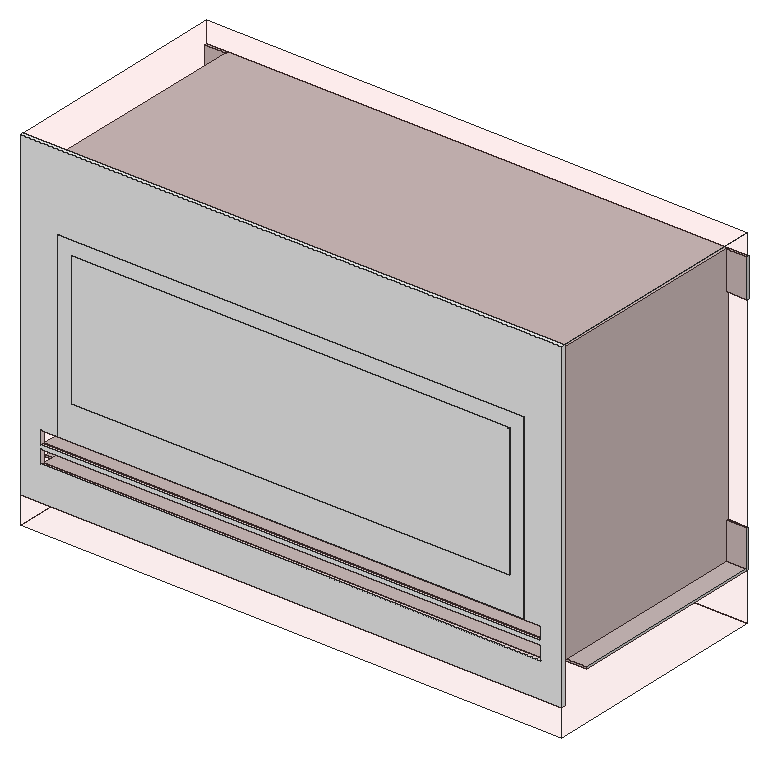
Revit family "Air-Curtain_Vestibule-Except_PoweredAire_CHA", category Mechanical Equipment, host Face, Revit 2017
Family settings
  Host = Face
  Round Connector Dimension = Use Diameter
  Part Type = Normal
  OmniClass Number = 23.75.35.17.21
  OmniClass Title = Air Curtains
  Cut with Voids When Loaded = No
  Shared = No
  Room Calculation Point = No
Parameters
  Warranty Duration (Years) = 0
  Unit Width Notes = "Other Widths available."  # constant formula
  Unit Width = 3' - 3"
  Unit Weight = 0
  Unit Height = 1' - 4 3/4"
  Unit Depth = 1' - 11 1/4"
  URL = "http://www.poweredaire.com/"
  Test Data = ""
  Standards Conformance = "as Specified"
  Specification = "http://www.arcat.com/sdspecs/htm04/23_34_33pai.htm"
  SpecWizard = ""
  Sound Pressure = "as Specified"
  Sales Information = "http://www.poweredaire.com/contact_us"
  Revision = "R1_2016-08"
  Projection from Host [instance] = 0' - 2"
  Product Properties = ""
  Product Data = "http://www.arcat.com/arcatcos/cos47/arc47623.html"
  Power Rating = 0 W
  Nozzle Width = if(1 = 1, Unit Width - 0' 3", 0' 0")  # 3' - 0"
  Mounting Width = if(1 = 1, Unit Width - 0' 1 1/2", 0' 0")  # 3' - 1 1/2"
  Mounting Height [instance] = 3' - 6"
  Motor RPM = 0
  Motor HP = 0
  Motor Count = 0
  Model = "As Specified"
  Max Height = 0' - 0"
  Manufacturer Website = "http://www.poweredaire.com/"
  Manufacturer Phone - Toll Free = "888-321-2473"
  Manufacturer Phone = "724-588-3305"
  Manufacturer Fax = "724-588-3371"
  Manufacturer Address = "109 Mortensen Rd.  Greenville, PA 16125"
  Manufacturer = "Powered Aire, Inc"
  Maintenance Schedule (Months) = 0
  Keynote = "23 34 33"
  Installation-Fabrication = ""
  Installation Phase = ""
  Include Clearance [instance] = yes
  Heating Element Load = 0 W
  HVAC_Temperature Rise = 0 °F
  HVAC_Outlet Volume = 0 CFM
  HVAC_Outlet Velocity Uniformity = 0
  HVAC_Outlet Velocity = 0 FPM
  Green Building-LEED = "http://www.arcat.com/green/clients/leed_data_47623.html"
  Front Grating Material [instance] = Metal - Steel - PoweredAire - White Perforated
  Frame Finish [instance] = Metal - Steel - PoweredAire - Stainless 304
  Expected Lifespan (Years) = 0
  Electrical_Wattage [instance] = Power Rating + Heating Element Load  # 0 W
  Electrical_Voltage [instance] = 0 V
  Electrical_Phase [instance] = 1
  Electrical_Frequency [instance] = 0 Hz
  Electrical_Amperage [instance] = 0 A
  Drawn By = "Sumex Design, Inc. / Robert S. Weygant, CSI, CDT, SCIP"
  Description = "Powered Aire Air Curtain as Specified"
  Default Elevation = 0' - 0"  # constant formula
  Cover Finish [instance] = Metal - Steel - PoweredAire - White
  Copyright = "©Arcat Inc."
  Construction Details = "http://www.arcat.com/details/powair/prod3336.html"
  Clearance_Top [instance] = 0' - 0"
  Clearance_Side B [instance] = 0' - 0"
  Clearance_Side A [instance] = 0' - 0"
  Clearance_Intake [instance] = 0' - 0"
  Clearance_Front [instance] = 0' - 0"
  Clearance Material [instance] = ARCAT Clearance
  Building Codes = ""
  Available Options [instance] = "as Specified"
  Assembly Code = "D3090400"
Reference planes (in)
  plane 1 "Center (Elevation)": y = 8.51318
  plane 2: z = 0
  plane 3 "Center (Left/Right)": x = 0
  plane 4: y = 16.88818
  plane 5: y = 0.13818
  plane 6: x = -19.5
  plane 7: x = 19.5
  plane 8: z = 25.25
  plane 9 "FF": y = -41.86182
  plane 10: z = 2
  plane 11: x = 18
  plane 12: x = -18
  plane 13: y = 16.88818
  plane 14: y = 0.13818
  plane 15: x = -19.5
  plane 16: x = 19.5
  plane 17: z = 25.25
  plane 18: y = 0.38818
Forms (in)
  Extrusion 1, solid, material "ARCAT Clearance" <- "Clearance Material", visible <- "Include Clearance"
    sketch origin (0, 0, 0) x (0, 1, 0) y (0, 0, 1)
      loop
        line (0.13818, 25.25) -> (0.13818, 0) -> (16.88818, 0) -> (16.88818, 25.25) -> (0.13818, 25.25)
    from -19.5 to 19.5
  Extrusion 2, solid, material "Metal - Steel - PoweredAire - White" <- "Cover Finish"
    sketch origin (0, 8.51318, 0) x (1, 0, 0) y (0, 0, 1)
      loop
        line (-19.5, 25.25) -> (-19.5, 2) -> (19.5, 2) -> (19.5, 25.25) -> (-19.5, 25.25)
    from 8.125 to 8.375
  Extrusion 3, solid, material "Metal - Steel - PoweredAire - Stainless 304" <- "Frame Finish"
    sketch origin (0, 8.51318, 0) x (1, 0, 0) y (0, 0, 1)
      loop
        line (18, 23.75) -> (-18, 23.75) -> (-18, 3.5) -> (18, 3.5) -> (18, 23.75)
    from -8.375 to 8.125
  Extrusion 4, void
    sketch origin (0, 0, 0) x (0, 1, 0) y (0, 0, 1)
      loop
        line (0.13818, 5.5) -> (0.13818, 4.5) -> (1.88818, 4.5) -> (1.88818, 6.75) -> (0.13818, 6.75) -> (0.13818, 5.75) -> (1.63818, 5.75) -> (1.63818, 5.5) -> (0.13818, 5.5)
    from -18 to 18
  Extrusion 5, solid, material "Metal - Steel - PoweredAire - White" <- "Cover Finish"
    sketch origin (-11.83813, 0.13818, 48) x (-1, 0, 0) y (0, 0, 1)
      loop
        line (4.91187, -41.25) -> (4.91187, -28.25) -> (-28.58813, -28.25) -> (-28.58813, -41.25) -> (4.91187, -41.25)
    from 0 to -0.03125
  Extrusion 6, solid, material "Metal - Steel - PoweredAire - White Perforated" <- "Front Grating Material"
    sketch origin (-11.83813, 0.10693, 48) x (1, 0, 0) y (0, 0, 1)
      loop
        line (-3.91187, -29.25) -> (-3.91187, -38.75) -> (27.58813, -38.75) -> (27.58813, -29.25) -> (-3.91187, -29.25)
    from 0 to 0.03125
  Extrusion 7, solid, material "Metal - Steel - PoweredAire - Stainless 304" <- "Frame Finish"
    sketch origin (-15.17702, -180, 2) x (-1, 0, 0) y (0, -1, 0)
      loop
        line (-33.17702, -196.88818) -> (-33.17702, -182.38818) -> (-34.67702, -182.38818) -> (-34.67702, -196.88818) -> (-33.17702, -196.88818)
      loop
        line (2.82298, -196.88818) -> (4.32298, -196.88818) -> (4.32298, -182.38818) -> (2.82298, -182.38818) -> (2.82298, -196.88818)
    from 1.5 to 1.625
  Extrusion 8, solid, material "Metal - Steel - PoweredAire - Stainless 304" <- "Frame Finish"
    sketch origin (-11.83813, 16.88818, 48) x (-1, 0, 0) y (0, 0, 1)
      loop
        line (7.66187, -44.5) -> (7.66187, -41.75) -> (6.16187, -41.75) -> (6.16187, -44.5) -> (7.66187, -44.5)
      loop
        line (-31.33813, -44.5) -> (-29.83813, -44.5) -> (-29.83813, -41.75) -> (-31.33813, -41.75) -> (-31.33813, -44.5)
      loop
        line (7.66187, -27) -> (7.66187, -24.25) -> (6.16187, -24.25) -> (6.16187, -27) -> (7.66187, -27)
      loop
        line (-31.33813, -27) -> (-29.83813, -27) -> (-29.83813, -24.25) -> (-31.33813, -24.25) -> (-31.33813, -27)
    from 0 to -0.125
Cuts and joins
  Extrusion 4 cuts Extrusion 2
  Extrusion 4 cuts Extrusion 3
Dimensions and locks (in)
  equal spacing: plane 4, plane 1 "Center (Elevation)", plane 5
  "Unit Height": plane 4 to plane 5
  equal spacing: plane 6, plane 3 "Center (Left/Right)", plane 7
  "Unit Width": plane 6 to plane 7
  "Mounting Height": plane 5 to plane 9 "FF"
  "Projection from Host": plane 10 to level
  "Unit Depth": plane 8 to plane 10
  locked: plane 6 to plane 12 at 1.5
  locked: plane 11 to plane 7 at 1.5
  "Clearance_Side A": plane 7 to plane 16
  "Clearance_Side B": plane 15 to plane 6
  "Clearance_Top": plane 13 to plane 4
  "Clearance_Intake": plane 5 to plane 14
  "Clearance_Front": plane 17 to plane 8
  locked: plane 8 to Extrusion 3 sketch curve at 1.5
  locked: Extrusion 3 sketch curve to plane 10 at 1.5
  locked: plane 7 to Extrusion 3 sketch curve at 1.5
  locked: Extrusion 3 sketch curve to plane 6 at 1.5
  locked: plane 18 to plane 5 at 0.25
  Extrusion 4 sketch curve to Extrusion 4 sketch curve to Extrusion 4 sketch curve to Extrusion 4 sketch curve to plane 10 = 0' - 1" locked, 0' - 0 1/4" locked, 0' - 1" locked, 0' - 2 1/2" locked
  Extrusion 5 sketch curve to Extrusion 5 sketch curve to plane 10 = 1' - 1" locked, 0' - 4 3/4" locked
  locked: plane 11 to Extrusion 5 sketch curve at 1.25
  locked: Extrusion 5 sketch curve to plane 12 at 1.25
  Extrusion 6 sketch curve to Extrusion 6 sketch curve to plane 10 = 0' - 9 1/2" locked, 0' - 7 1/4" locked
  locked: Extrusion 6 sketch curve to plane 12 at 2.25
  locked: plane 11 to Extrusion 6 sketch curve at 2.25
  locked: plane 4 to Extrusion 7 sketch curve at 14.5  (x2)
  Extrusion 8 sketch curve to Extrusion 8 sketch curve to Extrusion 8 sketch curve to Extrusion 8 sketch curve to plane 10 = 0' - 2 3/4" locked, 1' - 2 3/4" locked, 0' - 2 3/4" locked, 0' - 1 1/2" locked  (x2)
  aligned and locked: plane 2 to host face
  aligned and locked: level to host face
  aligned and locked: Extrusion 1 sketch curve to plane 17
  aligned and locked: plane 14 to Extrusion 1 sketch curve
  aligned and locked: level to Extrusion 1 sketch curve
  aligned and locked: Extrusion 1 sketch curve to plane 13
  aligned and locked: plane 16 to Extrusion 1
  aligned and locked: Extrusion 1 to plane 15
  aligned and locked: Extrusion 2 sketch curve to plane 8
  aligned and locked: plane 6 to Extrusion 2 sketch curve
  aligned and locked: Extrusion 2 sketch curve to plane 10
  aligned and locked: Extrusion 2 sketch curve to plane 7
  aligned and locked: Extrusion 3 to plane 4
  aligned and locked: Extrusion 3 to plane 18
  aligned and locked: Extrusion 2 to plane 18
  aligned and locked: Extrusion 2 to plane 5
  aligned and locked: plane 11 to Extrusion 4
  aligned and locked: Extrusion 4 to plane 12
  aligned and locked: Extrusion 7 sketch curve to plane 4  (x2)
Automatic sketch dimensions
  host sketch curve to host sketch curve = 8' - 0"  (x2)
  Extrusion 4 sketch curve to plane 5 = 0' - 0"  (x2)
  plane 18 to Extrusion 4 sketch curve = 0' - 1 1/4"
  Extrusion 4 sketch curve to Extrusion 4 sketch curve = 0' - 0 1/4"
  Extrusion 7 sketch curve to plane 7 = 0' - 0"
  Extrusion 7 sketch curve to plane 11 = 0' - 0"
  Extrusion 7 sketch curve to plane 12 = 0' - 0"
  Extrusion 7 sketch curve to plane 6 = 0' - 0"
  Extrusion 8 sketch curve to plane 7 = 0' - 0"  (x2)
  Extrusion 8 sketch curve to plane 11 = 0' - 0"  (x2)
  Extrusion 8 sketch curve to plane 12 = 0' - 0"  (x2)
  Extrusion 8 sketch curve to plane 6 = 0' - 0"  (x2)
Connectors (in)
  electrical at (-18, 4.88818, 9.625), driven by "Electrical_Voltage", driven by "Electrical_Phase"
    settings: on cut or joined group of Extrusion 3, Extrusion 4, index 1, voltage 0 V, apparent load 0 VA, apparent load phase1 0 VA, apparent load phase2 0 VA, apparent load phase3 0 VA, power factor 1, load classification "Other", number of poles 1, system type 31, power factor state 1, is connector primary yes, connector utility no, sub classification motor no, connector description ""
